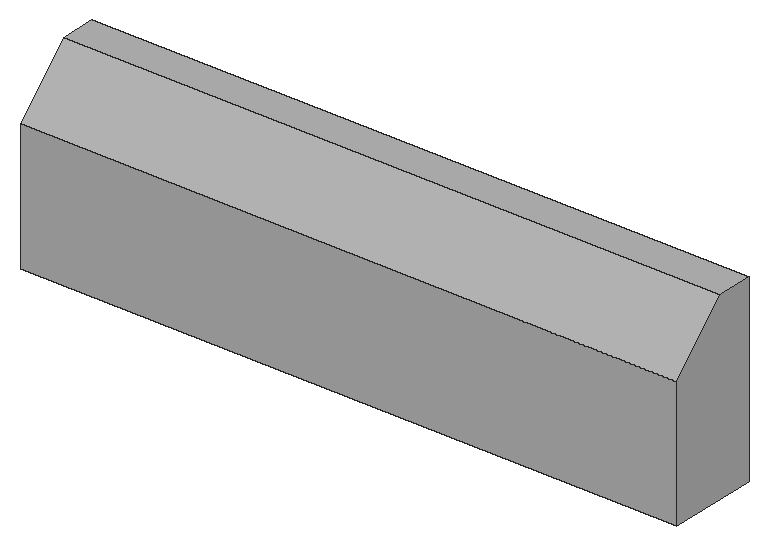
Revit family "K155 Full Batter Kerb", category Generic Models, Revit 2020
Family settings
  Can host rebar = No
  Round Connector Dimension = Use Diameter
  Part Type = Normal
  Work Plane-Based = No
  Always vertical = Yes
  Cut with Voids When Loaded = No
  Shared = No
  Room Calculation Point = No
Parameters
  Weight = "64Kg."
  Warranty Guarantor Parts = "n/a"
  Warranty Guarantor Labour = "n/a"
  Warranty Duration Unit = "n/a"
  Warranty Duration Parts = "n/a"
  Warranty Duration Labour = "n/a"
  Warranty Description = "n/a"
  Unit Width [instance] = 125 mm
  Unit Length [instance] = 914 mm
  Unit Height [instance] = 255 mm
  URL = "www.killeshal.com"
  Types = "Single"
  Type Comments = "Visit our website for a full list of available products."
  Sustainability Performance = "n/a"
  Structural Class = "n/a"
  Span = "Length."
  Slope = "0.00°"
  Size = "125 Wide x 255 High x 914mm Long."
  Shape = "As per drawing"
  Service Life = "0.000000"
  Serial Number = "n/a"
  Resistance to Fire = "n/a"
  Replacement Cost = "n/a"
  Reference = "n/a"
  Notified Body = "n/a"
  Nominal Cover to Main Bar = "n/a"
  Model = "K/155 Kerb."
  Mechanical Resistance = "n/a"
  Manufacturer = "Killeshal Precast Concrete Ltd."
  Load Bearing = no
  Life Cycle Environmental Load = "n/a"
  Length Options = "914mm."
  Keynote = "The information contained is the sole property of KPC Ltd., any reproduction in part or whole without permission of KPC Ltd. is prohibited."
  Environmental Product Declaration = "n/a"
  Environmental Class = "n/a"
  Durability against Corrosion = "n/a"
  Dimension Accuracy Class = "I.S. EN 1340:2003"
  Detailing = "As per design specification and product drawings."
  Description = "Full Batter Kerb."
  Default Elevation = 0 mm
  Dangerous Substances = "n/a"
  Contact Tel = "0035357 9353018"
  Contact Email = "sales@killeshal.com"
  Construction Type = "Precast"
  Construction Tolerance Class = "I.S. EN 1340:2003"
  Compressive Strength of Concrete = "n/a"
  Characteristics of Reinforcing Steel = "n/a"
  Characteristics Deflection Under Load = "n/a"
Reference planes
  plane 1 "Center (Front/Back)": y = 0
  plane 2: z = 0
  plane 3 "Center (Left/Right)": x = 0
  plane 4 "Rear": y = 62.5
  plane 5 "Front": y = -62.5
  plane 6 "Top": z = 255
  plane 7 "Center L/W": z = 180
  plane 8 "Center L/Y": y = 12.5
Forms (mm)
  Extrusion 1, solid, material "Precast Concrete (KPC)"
    sketch origin (0, 0, 0) x (0, 1, 0) y (0, 0, 1)
      loop
        line (62.5, 0) -> (62.5, 255) -> (12.5, 255) -> (-62.5, 180) -> (-62.5, 0) -> (62.5, 0)
    from 0 to 914
Dimensions and locks
  "Unit Length": Extrusion 1 to Extrusion 1
  "Unit Width": Extrusion 1 to Extrusion 1
  "Unit Height": Extrusion 1 to Extrusion 1
  Extrusion 1 to plane 7 "Center L/W" = 180 mm
  plane 4 "Rear" to plane 8 "Center L/Y" = 50 mm
  plane 8 "Center L/Y" to plane 5 "Front" = 75 mm
  plane 6 "Top" to plane 7 "Center L/W" = 75 mm
  aligned and locked: level to plane 2
Automatic sketch dimensions
  Extrusion 1 sketch curve to plane 5 "Front" = 0 mm
  Extrusion 1 sketch curve to plane 6 "Top" = 0 mm
  Extrusion 1 sketch curve to plane 8 "Center L/Y" = 0 mm
  Extrusion 1 sketch curve to plane 4 "Rear" = 0 mm
  Extrusion 1 sketch curve to level = 0 mm
  Extrusion 1 sketch curve to plane 7 "Center L/W" = 0 mm
